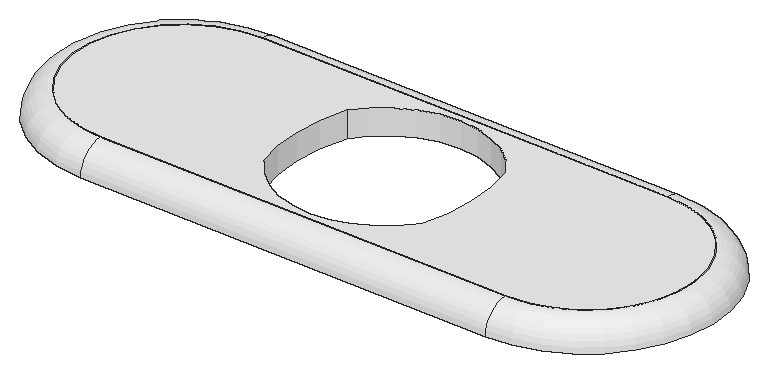
Revit family "Deck_Plate-American_Standard-Selectronic-775P.x00_Series", category Plumbing Fixtures, Revit 2014
Parameters (values of type "775P.400")
  Width = 1 7/8"
  Waste Connection = no
  WFU = 0
  Visible = yes
  Vent Connection = no
  URL = "http://www.americanstandard-us.com"
  Revised Date = "6/11/2014"
  Price = "Prices may vary. Please consult Manufacturer Representative for most up-to-date price list."  # constant formula
  Plate Width = 2 1/2"
  Plate Length = 4"
  Model = "775P.400"
  Material = "Metal-American Standard-002-Polished Chrome"
  Manufacturer = "American Standard"
  Length = 6 7/8"
  Installation Type = "Deck Mounted"
  Height = 5 3/4"
  HWFU = 1.5
  HW Connection = yes
  Description = "Nextgen Selectronic Integrated Proximity Lavatory Faucet Battery Powered. Vandal-resistant multi-laminar spray."
  Default Elevation = 0"
  Creation Date = "8/03/2016"
  Connection Diameter = 3/8"
  CWFU = 1.5
  CW Connection = yes
  Assembly Code = "D2020300"
  Actual Valve Water Flow = 0.35 GPM
  ADA Compliant = yes
Types (3): name | Plate Length | Model
  (no name) | 4" | "775P.400"
  775P.400 | 4" | "775P.400"
  775P.800 | 8" | "775P.800"
Reference planes (in)
  plane 1 "Center (Front/Back)": y = 0
  plane 2: z = 0
  plane 3 "Center (Left/Right)": x = 0
  plane 4: y = -4.9375
  plane 5: z = 5
  plane 6: z = 5.75
  plane 7: y = -0.9375
  plane 8: y = 0.9375
  plane 9: y = -5.9375
  plane 10: x = 2
  plane 11: x = -2
  plane 12: y = 1.25
  plane 13: y = -1.25
  plane 14: x = 3.25
  plane 15: x = -3.25
Forms (in)
  Sweep 1, solid, material "Metal-American Standard-002-Polished Chrome", visible <- "Visible"
    path origin (0, 0, 0) x (1, 0, 0) y (0, 1, 0)
      loop
        line (2, 1.25) -> (-2, 1.25)
        arc (-2, 1.25) -> (-3.25, 0) -> (-2, -1.25) r 1.25
        line (-2, -1.25) -> (2, -1.25)
        arc (2, -1.25) -> (3.25, 0) -> (2, 1.25) r 1.25
    profile origin (0, 1.25, 0) x (0, -1, 0) y (0, 0, 1)
      loop
        line (0, 0) -> (0.25, 0) -> (0.25, 0.25)
        arc (0.25, 0.25) -> (0.07322, 0.17678) -> (0, 0) r 0.25
  Extrusion 2, solid, material "Metal-American Standard-002-Polished Chrome"
    sketch origin (0, 0, 0) x (1, 0, 0) y (0, 1, 0)
      loop
        arc (0.78378, 0.51439) -> (0, 0.9375) -> (-0.78378, 0.51439) r 0.9375
        arc (-0.78378, 0.51439) -> (-0.86558, 0) -> (-0.78378, -0.51439) r 1.65823
        arc (-0.78378, -0.51439) -> (0, -0.9375) -> (0.78378, -0.51439) r 0.9375
        arc (0.78378, -0.51439) -> (0.86558, 0) -> (0.78378, 0.51439) r 1.65823
      loop
        arc (-2, 1) -> (-3, 0) -> (-2, -1) r 1
        line (-2, -1) -> (2, -1)
        arc (2, -1) -> (3, 0) -> (2, 1) r 1
        line (2, 1) -> (-2, 1)
    from 0 to 0.25
Lines and regions (in)
  Masking region 1
    outline origin (0, 0, 0) x (1, 0, 0) y (0, 1, 0)
      loop
        line (2, 1.25) -> (-2, 1.25)
        arc (-2, 1.25) -> (-3.25, 0) -> (-2, -1.25) r 1.25
        line (-2, -1.25) -> (2, -1.25)
        arc (2, -1.25) -> (3.25, 0) -> (2, 1.25) r 1.25
  symbolic lines, detail levels medium+fine
    curve 1: arc (-0.78378, 0.51439, 0) -> (0, 0.9375, 0) -> (0.78378, 0.51439, 0) r 0.9375
    curve 2: arc (0.78378, 0.51439, 0) -> (0.86558, 0, 0) -> (0.78378, -0.51439, 0) r 1.65823
    curve 3: arc (0.78378, -0.51439, 0) -> (0, -0.9375, 0) -> (-0.78378, -0.51439, 0) r 0.9375
    curve 4: arc (-0.78378, -0.51439, 0) -> (-0.86558, 0, 0) -> (-0.78378, 0.51439, 0) r 1.65823
  symbolic lines, detail levels fine
    curve 5: line (2, 1, 0) -> (-2, 1, 0)
    curve 6: arc (-2, 1, 0) -> (-3, 0, 0) -> (-2, -1, 0) r 1
    curve 7: line (-2, -1, 0) -> (2, -1, 0)
    curve 8: arc (2, -1, 0) -> (3, 0, 0) -> (2, 1, 0) r 1
Dimensions and locks (in)
  "Plate Length": Sweep 1 sketch curve to Sweep 1 sketch curve
  equal spacing: Sweep 1 sketch curve, plane 3 "Center (Left/Right)", Sweep 1 sketch curve
  "Height": plane 6 to plane 2
  plane 1 "Center (Front/Back)" to plane 4 = 4 15/16"
  "Length": plane 8 to plane 9
  "Width": plane 8 to plane 7
  plane 5 to level = 5"
  "Plate Width": plane 12 to plane 13
  aligned and locked: plane 12 to Sweep 1 sketch curve
  aligned and locked: plane 13 to Sweep 1 sketch curve
  aligned and locked: Extrusion 2 sketch curve to Sweep 1  (x2)
  aligned and locked: curve 6 to Extrusion 2
  aligned and locked: curve 8 to Extrusion 2
  aligned and locked: Masking region 1 sketch curve to Sweep 1  (x2)
Automatic sketch dimensions
  Sweep 1 sketch curve to level = 0"
  Sweep 1 sketch curve to profile plane = 0"
  level to Sweep 1 sketch curve = 1/4"
  Extrusion 2 sketch curve to Extrusion 2 sketch curve = 0"  (x2)
  plane 1 "Center (Front/Back)" to Extrusion 2 sketch curve = 0"  (x3)
  Extrusion 2 sketch curve to plane 3 "Center (Left/Right)" = 0"
  Extrusion 2 sketch curve to Extrusion 2 sketch curve = 0.79265"
  plane 3 "Center (Left/Right)" to Extrusion 2 sketch curve = 0.79265"
  Extrusion 2 sketch curve to Extrusion 2 sketch curve = 0.00887"  (x2)
  Extrusion 2 sketch curve to plane 7 = 0.42311"  (x2)
  curve 1 to curve 3 = 0"  (x2)
  plane 1 "Center (Front/Back)" to curve 2 = 0"
  plane 1 "Center (Front/Back)" to curve 3 = 0"
  curve 3 to plane 3 "Center (Left/Right)" = 0"
  plane 1 "Center (Front/Back)" to curve 4 = 0"
  curve 2 to curve 1 = 0.79265"
  plane 3 "Center (Left/Right)" to curve 4 = 0.79265"
  curve 2 to curve 4 = 0.00887"
  curve 3 to plane 7 = 0.42311"
  curve 2 to curve 3 = 0.00887"
  curve 2 to plane 8 = 0.42311"
